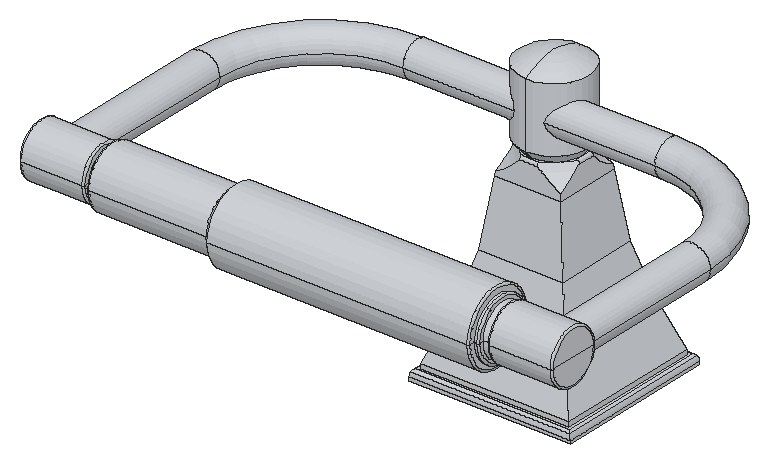
Revit family "Accessory-Tissue_Holder-KOHLER-MEMOIRS-K-490T_1", category Specialty Equipment, host Face, Revit 2017
Family settings
  Host = Face
  Round Connector Dimension = Use Diameter
  Part Type = Normal
  OmniClass Number = 23.31.25.21
  OmniClass Title = Toilet Paper Dispensers
  Cut with Voids When Loaded = No
  Shared = No
  Room Calculation Point = No
Parameters (values of type "CP-Polished Chrome")
  Width = 6 9/64"  # constant formula
  WaterSense Certified = 1 = 0  # no
  URL = "http://www.kohler.com.cn/"
  Type = 1
  Product Page URL = "https://www.kohler.com.cn/product/K-490T-CP/K-490T-CP/"
  Product Name = "MEMOIRS"  # constant formula
  Product Documentation Link = "https://files.kohler.com.cn/pdfs/memoirs_acc.pdf"
  Model = if(Type = 1, "K-490T-CP", if(Type = 2, "K-490T-AF", if(Type = 3, "K-490T-BN", if(Type = 4, "K-490T-RGD", "NA"))))  # "K-490T-CP"
  Material = "Brass Construction"  # constant formula
  Master Format 2014 Name = "Toilet, Bath, and Laundry Accessories"  # constant formula
  Master Format 2014 = "10 28 00"  # constant formula
  Manufacturer Address = "158 Jiangchang 3rd Road Zhabei District Shanghai, 200436 China"  # constant formula
  Manufacturer = "KOHLER Co."  # constant formula
  Length = 3 79/256"  # constant formula
  Height = 4 115/128"  # constant formula
  Finish = Kohler-Metal-CP-Polished_Chrome
  Environmental Product Declaration = ""
  Description = "Toilet paper holder"  # constant formula
  Default Elevation = 42"
  Declare Label = ""
  Date Modified = "06/19/2020"  # constant formula
  Date Created = "06/19/2020"  # constant formula
  Copyright = "Copyright KOHLER Co."  # constant formula
  Contact Us = "http://www.kohler.com.cn/en/contact/contact-us/"
  Assembly Code = "C1030200"
  ADA Compliant = 1 = 0  # no
Types (5): name | Type | Product Page URL | Model | Finish
  (no name) | 1 | "https://www.kohler.com.cn/product/K-490T-CP/K-490T-CP/" | "K-490T-CP" | Kohler-Metal-CP-Polished_Chrome
  CP-Polished Chrome | 1 | "https://www.kohler.com.cn/product/K-490T-CP/K-490T-CP/" | "K-490T-CP" | Kohler-Metal-CP-Polished_Chrome
  AF-Flange Gold | 2 | "https://www.kohler.com.cn/product/K-490T-CP/K-490T-AF/" | "K-490T-AF" | Kohler-Metal-AF-Flange_Gold
  BN-Roman Silver | 3 | "https://www.kohler.com.cn/product/K-490T-CP/K-490T-BN/" | "K-490T-BN" | Kohler-Metal-BN-Roman_Silver
  RGD-Rose Gold | 4 | "https://www.kohler.com.cn/product/K-490T-CP/K-490T-RGD/" | "K-490T-RGD" | Kohler-Metal-RGD-Rose_Gold
Reference planes (in)
  plane 1 "Center (Front/Back)": y = 0
  plane 2: z = 0
  plane 3 "Center (Left/Right)": x = 0
  plane 4: x = -0.94488
  plane 5: x = 0.94488
  plane 6: y = 0.94531
  plane 7: y = -0.94445
  plane 8: y = -3.95313
  plane 9: y = -3.53125
  plane 10: y = -3.10938
  plane 11: x = 3.07087
  plane 12: x = -3.06976
  plane 13: z = 3.30859
  plane 14: z = 2.99901
  plane 15: z = 2.779
  plane 16: z = 2.55899
  plane 17: z = 2.339
  plane 18: z = 0.11
  plane 19: y = -0.40305
  plane 20: z = 3.20087
  plane 21: z = 2.35712
Dimensions and locks (in)
  "Width": plane 12 to plane 11
  locked: plane 4 to plane 5 at 1.88976
  locked: plane 7 to plane 6 at 1.88976
  "Height": plane 6 to plane 8
  locked: plane 8 to plane 1 "Center (Front/Back)" at 3.95312
  "Length": plane 13 to level
  aligned and locked: plane 2 to host face
  aligned and locked: level to host face
  aligned and locked: plane 3 "Center (Left/Right)" to nested 1
  aligned and locked: plane 1 "Center (Front/Back)" to nested 1
Automatic sketch dimensions
  host sketch curve to host sketch curve = 96"  (x2)
Nested families (in)
  nested 1: "K-490T" at (0, 0, 0), type "K-490T"
Definition of nested family "K-490T"
  Parameters (values of type "K-490T")
    Material = none
  Reference planes (in)
    plane 1 "Center (Front/Back)": y = 0
    plane 2: z = 0
    plane 3 "Center (Left/Right)": x = 0
    plane 4: y = -3.95313
    plane 5: z = 3.30709
    plane 6: x = -3.07087
    plane 7: x = -0.94488
    plane 8: y = -3.53125
    plane 9: x = 3.07087
    plane 10: x = 0.94488
    plane 11: y = 0.94488
    plane 12: y = -0.94488
    plane 13: z = 2.779
    plane 14: z = 2.99901
    plane 15: z = 2.55899
    plane 16: y = -3.10938
    plane 17: z = 3.20087
  Forms (in)
    Sweep 1, solid, material <- "Material", detail levels medium+fine
      path origin (0, 0, 0) x (1, 0, 0) y (0, 1, 0)
        loop
          line (0.9375, 0.9375) -> (-0.9375, 0.9375) -> (-0.9375, -0.9375) -> (0.9375, -0.9375) -> (0.9375, 0.9375)
      profile origin (0, 0.9375, 0) x (0, -1, 0) y (0, 0, 1)
        loop
          line (0.01563, 0) -> (0.6049, 0) -> (0.6049, 2.339)
          arc (0.6049, 2.339) -> (0.58206, 2.32942) -> (0.57289, 2.30642) r 0.03202
          arc (0.57289, 2.30642) -> (0.57106, 2.17795) -> (0.56107, 2.04985) r 2.01942
          arc (0.56107, 2.04985) -> (0.51417, 1.67596) -> (0.456, 1.30365) r 12.47151
          arc (0.456, 1.30365) -> (0.38912, 0.9988) -> (0.2946, 0.70135) r 3.4038
          arc (0.2946, 0.70135) -> (0.19406, 0.43049) -> (0.0925, 0.16) r 77.03752
          line (0.0925, 0.16) -> (0.0925, 0.11) -> (0.05793, 0.11)
          arc (0.05793, 0.11) -> (0.04037, 0.10485) -> (0.02837, 0.09103) r 0.03253
          arc (0.02837, 0.09103) -> (0.01885, 0.06254) -> (0.01563, 0.03267) r 0.14003
          line (0.01563, 0.03267) -> (0.01563, 0)
    Extrusion 2, solid, material <- "Material", detail levels medium+fine
      sketch origin (0, 0, 0) x (1, 0, 0) y (0, 1, 0)
        loop
          line (-0.3326, -0.3326) -> (0.3326, -0.3326) -> (0.3326, 0.3326) -> (-0.3326, 0.3326) -> (-0.3326, -0.3326)
      from 0 to 2.339
    Revolve 3, solid, material <- "Material", detail levels medium+fine
      sketch origin (0, 0, 0) x (0, 1, 0) y (0, 0, 1)
        loop
          line (0, 3.3125) -> (0, 2.339) -> (0.31609, 2.339) -> (0.4, 2.439) -> (0.4, 3.18216)
          arc (0.4, 3.18216) -> (0.21035, 3.27909) -> (0, 3.3125) r 0.67893
        axis (0, 3.3125) -> (0, 2.339)
      angle from 0 to 360
    Sweep 4, solid, material <- "Material", detail levels medium+fine
      path origin (0, 0, 0) x (1, 0, 0) y (0, 1, 0)
        loop
          line (-3.00367, -3.37171) -> (-3.00367, -1.52727)
          arc (-3.00367, -1.52727) -> (-2.54539, -0.42089) -> (-1.43901, 0.03739) r 1.56466
          line (-1.43901, 0.03739) -> (1.43901, 0.03739)
          arc (1.43901, 0.03739) -> (2.54539, -0.42089) -> (3.00367, -1.52727) r 1.56466
          line (3.00367, -1.52727) -> (3.00367, -3.37171)
      profile origin (0, 0.03739, 0) x (0, 1, 0) y (0, 0, 1)
        loop
          circle (-0.19657, 2.779) r 0.20163
    Revolve 5, solid, material <- "Material", detail levels medium+fine
      sketch origin (0, -7.0625, 2.77953) x (-1, 0, 0) y (0, -1, 0)
        loop
          line (-2.30839, -3.81354) -> (-2.30839, -3.77312) -> (-2.23839, -3.82313) -> (-2.23839, -3.85755)
          arc (-2.23839, -3.85755) -> (-2.23236, -3.8721) -> (-2.21781, -3.87813) r 0.02058
          line (-2.21781, -3.87813) -> (-2.18351, -3.87813) -> (-2.18351, -3.9332)
          arc (-2.18351, -3.9332) -> (-2.17767, -3.94729) -> (-2.16358, -3.95313) r 0.01993
          line (-2.16358, -3.95313) -> (0.8066, -3.95313) -> (0.88161, -3.87812) -> (2.22046, -3.87812)
          arc (2.22046, -3.87812) -> (2.23542, -3.87192) -> (2.24161, -3.85697) r 0.02115
          line (2.24161, -3.85697) -> (2.24161, -3.82298) -> (2.31161, -3.77314) -> (2.31161, -3.8179)
          arc (2.31161, -3.8179) -> (2.31753, -3.8322) -> (2.33184, -3.83813) r 0.02023
          line (2.33184, -3.83813) -> (3.02546, -3.83813)
          arc (3.02546, -3.83813) -> (3.0406, -3.83185) -> (3.04688, -3.81671) r 0.02142
          line (3.04688, -3.81671) -> (3.04688, -3.53125) -> (-3.04687, -3.53125) -> (-3.04687, -3.81752)
          arc (-3.04687, -3.81752) -> (-3.04084, -3.83209) -> (-3.02627, -3.83813) r 0.0206
          line (-3.02627, -3.83813) -> (-2.33297, -3.83813)
          arc (-2.33297, -3.83813) -> (-2.31559, -3.83092) -> (-2.30839, -3.81354) r 0.02458
        axis (3.04688, -3.53125) -> (-3.04687, -3.53125)
      angle from 0 to 360
    Extrusion 6, void
      sketch origin (-0.46875, 0.46875, 0) x (-0.707107, -0.707107, 0) y (0, 0, 1)
        loop
          line (-0.31609, 2.339) -> (-0.64351, 2.339) -> (-0.64351, 2.05687)
          arc (-0.64351, 2.05687) -> (-0.44613, 2.15886) -> (-0.31609, 2.339) r 0.47847
        loop
          arc (0.31609, 2.339) -> (0.44613, 2.15886) -> (0.64351, 2.05687) r 0.47847
          line (0.64351, 2.05687) -> (0.64351, 2.339) -> (0.31609, 2.339)
      from -1.44882 to 0.03613
    Extrusion 7, void
      sketch origin (0.46875, 0.46875, 0) x (-0.707107, 0.707107, 0) y (0, 0, 1)
        loop
          arc (0.31609, 2.339) -> (0.4617, 2.15816) -> (0.66942, 2.05445) r 0.54439
          line (0.66942, 2.05445) -> (0.66942, 2.339) -> (0.31609, 2.339)
        loop
          line (-0.31609, 2.339) -> (-0.66942, 2.339) -> (-0.66942, 2.05445)
          arc (-0.66942, 2.05445) -> (-0.4617, 2.15816) -> (-0.31609, 2.339) r 0.54439
      from -1.08337 to -0.0317
    Extrusion 8, solid, material <- "Material", detail levels coarse
      sketch origin (0, 0, 0) x (1, 0, 0) y (0, 1, 0)
        loop
          line (-0.92187, 0.92187) -> (-0.92187, -0.92188) -> (0.92188, -0.92188) -> (0.92188, 0.92187) -> (-0.92187, 0.92187)
      from 0 to 2.339
    Extrusion 9, solid, material <- "Material", detail levels coarse
      sketch origin (0, 0, 0) x (1, 0, 0) y (0, 1, 0)
        loop
          circle (0, 0) r 0.67302
      from 2.339 to 3.3125
    Sweep 10, solid, material <- "Material", detail levels coarse
      path origin (0, 0, 0) x (1, 0, 0) y (0, 1, 0)
        loop
          line (1.46851, 0.44364) -> (-1.46851, 0.44364)
          arc (-1.46851, 0.44364) -> (-2.55403, -0.006) -> (-3.00367, -1.09152) r 1.53516
          line (-3.00367, -1.09152) -> (-3.00367, -4.0625) -> (3.00367, -4.0625) -> (3.00367, -1.09152)
          arc (3.00367, -1.09152) -> (2.55403, -0.006) -> (1.46851, 0.44364) r 1.53516
      profile origin (0, -4.0625, 0) x (0, 1, 0) y (0, 0, 1)
        loop
          circle (0.45703, 2.77953) r 0.34714
  Cuts and joins
    Extrusion 6, Extrusion 7 cuts Sweep 1
    Extrusion 6, Extrusion 7 cuts Extrusion 2
    joined: Sweep 1, Extrusion 2, Revolve 3, Sweep 4, Revolve 5
    joined: Extrusion 8, Extrusion 9, Sweep 10
  Lines and regions (in)
    Masking region 1
      outline origin (0, 0, 0) x (1, 0, 0) y (0, 0, 1)
        loop
          line (0.94488, 0) -> (0.94488, 0.03267)
          arc (0.94488, 0.03267) -> (0.94166, 0.06254) -> (0.93214, 0.09103) r 0.14003
          arc (0.93214, 0.09103) -> (0.92014, 0.1048) -> (0.90258, 0.10984) r 0.03225
          line (0.90258, 0.10984) -> (0.845, 0.10984) -> (0.845, 0.16)
          arc (0.845, 0.16) -> (0.74344, 0.43049) -> (0.6429, 0.70135) r 77.03752
          arc (0.6429, 0.70135) -> (0.54838, 0.9988) -> (0.4815, 1.30365) r 3.4038
          arc (0.4815, 1.30365) -> (0.42333, 1.67596) -> (0.37643, 2.04985) r 12.47151
          arc (0.37643, 2.04985) -> (0.36647, 2.17732) -> (0.36459, 2.30516) r 2.01942
          arc (0.36459, 2.30516) -> (0.3478, 2.33277) -> (0.31609, 2.339) r 0.04005
          line (0.31609, 2.339) -> (0.34486, 2.37328) -> (2.18839, 2.37328) -> (2.18839, 2.43266) -> (2.23839, 2.43266) -> (2.23839, 2.48765) -> (2.30839, 2.53766) -> (2.30839, 2.47266) -> (3.07087, 2.47266) -> (3.07087, 3.08641) -> (2.30839, 3.08641) -> (2.30839, 3.0214) -> (2.23839, 3.07141) -> (2.23839, 3.12641) -> (2.18839, 3.12641) -> (2.18839, 3.20156) -> (0.37193, 3.20156)
          arc (0.37193, 3.20156) -> (0.1933, 3.2802) -> (0, 3.30709) r 0.70821
          arc (0, 3.30709) -> (-0.1933, 3.2802) -> (-0.37193, 3.20156) r 0.70821
          line (-0.37193, 3.20156) -> (-0.82223, 3.20156) -> (-0.88161, 3.1264) -> (-2.24161, 3.1264) -> (-2.24161, 3.07126) -> (-2.31161, 3.02142) -> (-2.31161, 3.08641) -> (-3.07087, 3.08641) -> (-3.07087, 2.47266) -> (-2.31161, 2.47266) -> (-2.31161, 2.53764) -> (-2.24161, 2.4878) -> (-2.24161, 2.43266) -> (-0.88161, 2.43266) -> (-0.82223, 2.37328) -> (-0.34486, 2.37328) -> (-0.31609, 2.339)
          arc (-0.31609, 2.339) -> (-0.3478, 2.33277) -> (-0.36459, 2.30516) r 0.04005
          arc (-0.36459, 2.30516) -> (-0.36647, 2.17732) -> (-0.37643, 2.04985) r 2.01942
          arc (-0.37643, 2.04985) -> (-0.42333, 1.67596) -> (-0.4815, 1.30365) r 12.47151
          arc (-0.4815, 1.30365) -> (-0.54838, 0.9988) -> (-0.6429, 0.70135) r 3.4038
          arc (-0.6429, 0.70135) -> (-0.74344, 0.43049) -> (-0.845, 0.16) r 77.03752
          line (-0.845, 0.16) -> (-0.845, 0.11) -> (-0.90282, 0.10984)
          arc (-0.90282, 0.10984) -> (-0.92024, 0.10473) -> (-0.93214, 0.09103) r 0.03225
          arc (-0.93214, 0.09103) -> (-0.94166, 0.06254) -> (-0.94488, 0.03267) r 0.14003
          line (-0.94488, 0.03267) -> (-0.94488, 0) -> (0.94488, 0)
    Masking region 2
      outline origin (0, 0, 0) x (0, 1, 0) y (0, 0, 1)
        loop
          line (0.94488, 0) -> (0.94488, 0.03267)
          arc (0.94488, 0.03267) -> (0.94166, 0.06254) -> (0.93214, 0.09103) r 0.14003
          arc (0.93214, 0.09103) -> (0.92014, 0.10485) -> (0.90257, 0.11) r 0.03253
          line (0.90257, 0.11) -> (0.845, 0.11) -> (0.845, 0.16)
          arc (0.845, 0.16) -> (0.74344, 0.43049) -> (0.6429, 0.70135) r 77.03752
          arc (0.6429, 0.70135) -> (0.54838, 0.9988) -> (0.4815, 1.30365) r 3.4038
          arc (0.4815, 1.30365) -> (0.42333, 1.67596) -> (0.37643, 2.04985) r 12.47151
          arc (0.37643, 2.04985) -> (0.36663, 2.17385) -> (0.36449, 2.29822) r 2.01942
          arc (0.36449, 2.29822) -> (0.34994, 2.33006) -> (0.31609, 2.339) r 0.04092
          line (0.31609, 2.339) -> (0.4, 2.439) -> (0.4, 3.18216)
          arc (0.4, 3.18216) -> (0.20953, 3.27513) -> (0, 3.30709) r 0.70282
          arc (0, 3.30709) -> (-0.20953, 3.27513) -> (-0.4, 3.18216) r 0.70282
          line (-0.4, 3.18216) -> (-0.4, 2.99901) -> (-3.17129, 2.99901)
          arc (-3.17129, 2.99901) -> (-3.3249, 3.14696) -> (-3.53125, 3.20087) r 0.42187
          arc (-3.53125, 3.20087) -> (-3.82956, 3.07731) -> (-3.95313, 2.779) r 0.42187
          arc (-3.95313, 2.779) -> (-3.82956, 2.48069) -> (-3.53125, 2.35712) r 0.42187
          arc (-3.53125, 2.35712) -> (-3.3249, 2.41103) -> (-3.17129, 2.55899) r 0.42187
          line (-3.17129, 2.55899) -> (-0.4, 2.55899) -> (-0.4, 2.439) -> (-0.31609, 2.339)
          arc (-0.31609, 2.339) -> (-0.34994, 2.33006) -> (-0.36449, 2.29822) r 0.04092
          arc (-0.36449, 2.29822) -> (-0.36663, 2.17385) -> (-0.37643, 2.04985) r 2.01942
          arc (-0.37643, 2.04985) -> (-0.42333, 1.67596) -> (-0.4815, 1.30365) r 12.47151
          arc (-0.4815, 1.30365) -> (-0.54838, 0.9988) -> (-0.6429, 0.70135) r 3.4038
          arc (-0.6429, 0.70135) -> (-0.74344, 0.43049) -> (-0.845, 0.16) r 77.03752
          line (-0.845, 0.16) -> (-0.845, 0.11) -> (-0.90257, 0.11)
          arc (-0.90257, 0.11) -> (-0.92014, 0.10485) -> (-0.93214, 0.09103) r 0.03253
          arc (-0.93214, 0.09103) -> (-0.94166, 0.06254) -> (-0.94488, 0.03267) r 0.14003
          line (-0.94488, 0.03267) -> (-0.94488, 0) -> (0.94488, 0)
    Masking region 3
      outline origin (0, 0, 0) x (1, 0, 0) y (0, 1, 0)
        loop
          line (2.18839, -3.10938) -> (2.18839, -3.18563) -> (2.23839, -3.18563) -> (2.23839, -3.24062) -> (2.30839, -3.29063) -> (2.30839, -3.15313) -> (2.56365, -3.15313) -> (2.56365, -1.52558)
          arc (2.56365, -1.52558) -> (2.23487, -0.73183) -> (1.44112, -0.40305) r 1.12253
          line (1.44112, -0.40305) -> (0.94488, -0.40305) -> (0.94488, -0.94488) -> (-0.94488, -0.94488) -> (-0.94488, -0.40305) -> (-1.44112, -0.40305)
          arc (-1.44112, -0.40305) -> (-2.23487, -0.73183) -> (-2.56365, -1.52558) r 1.12253
          line (-2.56365, -1.52558) -> (-2.56365, -3.15313) -> (-2.31161, -3.15313) -> (-2.31161, -3.29061) -> (-2.24161, -3.24077) -> (-2.24161, -3.18563) -> (-0.88161, -3.18563) -> (-0.80535, -3.10938) -> (2.18839, -3.10938)
        loop
          line (0.94488, 0) -> (0.94488, 0.94488) -> (-0.94488, 0.94488) -> (-0.94488, 0) -> (-1.50367, 0)
          arc (-1.50367, 0) -> (-2.56433, -0.43934) -> (-3.00367, -1.5) r 1.5
          line (-3.00367, -1.5) -> (-3.00367, -3.15313) -> (-3.07087, -3.15313) -> (-3.07087, -3.90937) -> (-2.31161, -3.90937) -> (-2.31161, -3.77189) -> (-2.24161, -3.82173) -> (-2.24161, -3.87687) -> (-0.88161, -3.87687) -> (-0.80535, -3.95313) -> (2.18839, -3.95313) -> (2.18839, -3.87688) -> (2.23839, -3.87688) -> (2.23839, -3.82188) -> (2.30839, -3.77187) -> (2.30839, -3.90937) -> (3.07087, -3.90937) -> (3.07087, -3.15313) -> (3.00305, -3.15313) -> (3.00305, -1.45689)
          arc (3.00305, -1.45689) -> (2.54897, -0.42421) -> (1.50367, 0) r 1.5
          line (1.50367, 0) -> (0.94488, 0)
    symbolic lines, detail levels medium+fine
      curve 1: line (0.845, 0, 0.11) -> (-0.845, 0, 0.11)
      curve 2: line (0.845, 0, 0.16) -> (-0.845, 0, 0.16)
      curve 3: line (2.23839, 0, 2.48765) -> (2.23839, 0, 2.55899)
      curve 4: line (2.30839, 0, 2.5237) -> (2.30839, 0, 2.55899)
      curve 5: line (-2.31161, 0, 2.51154) -> (-2.31161, 0, 2.55899)
      curve 6: line (-2.24161, 0, 2.4878) -> (-2.24161, 0, 2.55899)
      curve 7: line (0.4, 0, 2.439) -> (0.4, 0, 3.18216)
      curve 8: line (0.4, 0, 3.18216) -> (-0.4, 0, 3.18216)
      curve 9: line (-0.4, 0, 3.18216) -> (-0.4, 0, 2.439)
      curve 10: line (-0.4, 0, 2.439) -> (0.4, 0, 2.439)
      curve 11: line (0.4, 0, 2.439) -> (0.34486, 0, 2.37328)
      curve 12: line (0.31609, 0, 2.339) -> (-0.31609, 0, 2.339)
      curve 13: line (-0.34486, 0, 2.37328) -> (-0.4, 0, 2.439)
      curve 14: arc (0.16197, 0, 2.24812) -> (0.26174, 0, 2.17463) -> (0.37033, 0, 2.11496) r 0.93699
      curve 15: arc (0.10029, 0, 2.31672) -> (0.12877, 0, 2.2803) -> (0.16197, 0, 2.24812) r 0.33655
      curve 16: arc (0.11196, 0, 2.339) -> (0.09947, 0, 2.33135) -> (0.10029, 0, 2.31672) r 0.01428
      curve 17: arc (-0.16197, 0, 2.24812) -> (-0.26174, 0, 2.17463) -> (-0.37033, 0, 2.11496) r 0.93699
      curve 18: arc (-0.10029, 0, 2.31672) -> (-0.12877, 0, 2.2803) -> (-0.16197, 0, 2.24812) r 0.33655
      curve 19: arc (-0.11196, 0, 2.339) -> (-0.09947, 0, 2.33135) -> (-0.10029, 0, 2.31672) r 0.01428
      curve 20: line (-2.78366, 0, 2.55899) -> (-0.4, 0, 2.55899)
      curve 21: line (-2.78366, 0, 2.99901) -> (-0.4, 0, 2.99901)
      curve 22: arc (-2.78366, 0, 2.99901) -> (-3.00367, 0, 2.779) -> (-2.78366, 0, 2.55899) r 0.22001
      curve 23: line (-2.31161, 0, 2.99901) -> (-2.31161, 0, 3.03328)
      curve 24: line (-2.24161, 0, 2.99901) -> (-2.24161, 0, 3.07126)
      curve 25: line (2.78366, 0, 2.55899) -> (0.4, 0, 2.55899)
      curve 26: line (2.78366, 0, 2.99901) -> (0.4, 0, 2.99901)
      curve 27: arc (2.78366, 0, 2.99901) -> (3.00367, 0, 2.779) -> (2.78366, 0, 2.55899) r 0.22001
      curve 28: line (2.23839, 0, 2.99901) -> (2.23839, 0, 3.12641)
      curve 29: line (2.30839, 0, 2.99901) -> (2.30839, 0, 3.0333)
      curve 30: line (0, 0.845, 0.11) -> (0, -0.845, 0.11)
      curve 31: line (0, 0.845, 0.16) -> (0, -0.845, 0.16)
      curve 32: line (0, 0.31609, 2.339) -> (0, -0.31609, 2.339)
      curve 33: line (0, 0.4, 2.439) -> (0, -0.4, 2.439)
      curve 34: line (0, 0.4, 3.18216) -> (0, -0.4, 3.18216)
      curve 35: arc (0, 0.20487, 2.21378) -> (0, 0.28508, 2.16014) -> (0, 0.37033, 2.11496) r 0.94549
      curve 36: arc (0, 0.09785, 2.31793) -> (0, 0.14794, 2.26234) -> (0, 0.20487, 2.21378) r 0.57032
      curve 37: arc (0, 0.09785, 2.31793) -> (0, 0.09595, 2.33085) -> (0, 0.10616, 2.339) r 0.0131
      curve 38: arc (0, -0.20487, 2.21378) -> (0, -0.28508, 2.16014) -> (0, -0.37033, 2.11496) r 0.94549
      curve 39: arc (0, -0.09785, 2.31793) -> (0, -0.14794, 2.26234) -> (0, -0.20487, 2.21378) r 0.57032
      curve 40: arc (0, -0.09785, 2.31793) -> (0, -0.09595, 2.33085) -> (0, -0.10616, 2.339) r 0.0131
      curve 41: line (0, -3.17129, 2.99901) -> (0, -3.2623, 2.99901)
      curve 42: line (0, -3.17129, 2.55899) -> (0, -3.26317, 2.55899)
      curve 43: line (-0.845, 0.845, 0) -> (0.845, 0.845, 0)
      curve 44: line (0.845, 0.845, 0) -> (0.845, 0, 0)
      curve 45: line (0.845, -0.845, 0) -> (-0.845, -0.845, 0)
      curve 46: line (-0.845, -0.845, 0) -> (-0.845, -0.40305, 0)
      curve 47: line (-0.37033, 0.37033, 0) -> (-0.94488, 0.94488, 0)
      curve 48: line (0.37033, 0.37033, 0) -> (0.94488, 0.94488, 0)
      curve 49: line (0.40305, -0.40305, 0) -> (0.94488, -0.94488, 0)
      curve 50: line (-0.40305, -0.40305, 0) -> (-0.94488, -0.94488, 0)
      curve 51: arc (-2.56365, -3.15313, 0) -> (-2.78366, -3.23684, 0) -> (-3.00367, -3.15313, 0) r 0.33098
      curve 52: line (-2.31161, -3.29061, 0) -> (-2.31161, -3.77189, 0)
      curve 53: line (-2.24161, -3.24077, 0) -> (-2.24161, -3.82298, 0)
      curve 54: line (2.18839, -3.18563, 0) -> (2.18839, -3.87688, 0)
      curve 55: line (-0.8066, -3.10938, 0) -> (-0.8066, -3.95188, 0)
      curve 56: line (-0.88161, -3.18438, 0) -> (-0.88161, -3.87687, 0)
      curve 57: line (2.23839, -3.24062, 0) -> (2.23839, -3.82188, 0)
      curve 58: arc (2.56447, -3.15313, 0) -> (2.78424, -3.23903, 0) -> (3.00402, -3.15313, 0) r 0.3241
      curve 59: line (2.30839, -3.29063, 0) -> (2.30839, -3.77187, 0)
      curve 60: circle (0, 0, 0) r 0.4 normal (0, 0, 1)
      curve 61: arc (-0.37033, 0.37033, 0) -> (-0.26551, 0.36792, 0) -> (-0.16068, 0.36631, 0) r 13.84738
      curve 62: arc (0.37033, 0.37033, 0) -> (0.36694, 0.26739, 0) -> (0.36465, 0.16441, 0) r 9.69669
      curve 63: arc (0.16068, 0.36631, 0) -> (0.26551, 0.36792, 0) -> (0.37033, 0.37033, 0) r 13.84738
      curve 64: arc (-0.36455, 0.16464, 0) -> (-0.36688, 0.2675, 0) -> (-0.37033, 0.37033, 0) r 9.51992
      curve 65: line (-0.94488, 0, 0) -> (-0.4, 0, 0)
      curve 66: line (-0.94488, -0.40305, 0) -> (-0.0814, -0.40305, 0)
      curve 67: line (0.9375, 0, 0) -> (0.4, 0, 0)
      curve 68: line (0.9375, -0.40305, 0) -> (0.0814, -0.40305, 0)
      curve 69: arc (-0.0814, -0.40305, 0) -> (-0.07376, -0.40054, 0) -> (-0.0691, -0.39399, 0) r 0.01287
      curve 70: arc (0.0814, -0.40305, 0) -> (0.07416, -0.40043, 0) -> (0.07029, -0.39378, 0) r 0.01129
      curve 71: line (-0.845, 0, 0) -> (-0.845, 0.845, 0)
      curve 72: line (0.845, -0.40305, 0) -> (0.845, -0.845, 0)
      curve 73: line (0, -0.4, 2.99901) -> (0, -0.21962, 2.99901)
      curve 74: line (0, -0.4, 2.55899) -> (0, -0.21962, 2.55899)
      curve 75: arc (0, -0.21962, 2.55899) -> (0, 0.00039, 2.779) -> (0, -0.21962, 2.99901) r 0.22001
      curve 76: circle (0, -3.53125, 2.77953) r 0.34714 normal (1, 0, 0)
      curve 77: line (2.18839, 0, 3.12641) -> (2.18839, 0, 2.99901)
      curve 78: line (2.18839, 0, 2.55899) -> (2.18839, 0, 2.43266)
      curve 79: line (-0.82223, 0, 2.37328) -> (-0.82223, 0, 2.55899)
      curve 80: line (-0.88161, 0, 2.43266) -> (-0.88161, 0, 2.55899)
      curve 81: line (-0.82223, 0, 2.99901) -> (-0.82223, 0, 3.20156)
      curve 82: line (-0.88161, 0, 2.99901) -> (-0.88161, 0, 3.1264)
      curve 83: line (-0.4, 0, 3.18216) -> (-0.37193, 0, 3.20156)
      curve 84: line (0.37193, 0, 3.20156) -> (0.4, 0, 3.18216)
  Dimensions and locks (in)
    locked: plane 6 to plane 9 at 6.14173
    plane 5 to level = 3.30709"
    plane 1 "Center (Front/Back)" to plane 4 = 3 61/64"
    locked: plane 11 to plane 4 at 4.89801
    plane 13 to level = 2.779"
    aligned and locked: plane 2 to level
